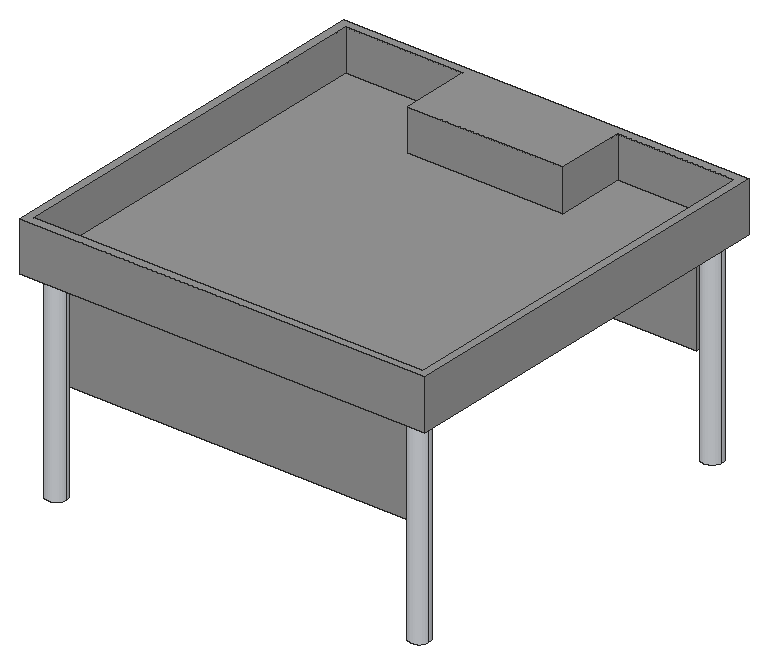
Revit family "Nivellierbare Kassette mit Schnurauslass, RKSN, 25, 9", category Generic Models, Revit 2015
Parameters (values of type "RKSN2 9 VS 25")
  Width = 243 mm
  URL = "http://www.obo-bettermann.com"
  Material = Stainless Steel, Polished
  Manufacturer Art.No. = "7409220"
  Manufacturer = "OBO Bettermann"
  Length = 243 mm
  HeightCalc = if(Height < 110 mm, 110 mm, (if(Height > 155 mm, 155 mm, Height)))  # 150 mm
  Height 1 = 30 mm
  Height = 150 mm
  GTIN = "4012195867234"
  Cut depth = 25 mm
  Article Type = "RKSN2 9 VS 25"
Types (3, lengths in mm): name | Material | Manufacturer Art.No. | GTIN | Article Type
  (no name) | Stainless Steel, Polished | "7409220" | "4012195867234" | "RKSN2 9 VS 25"
  RKSN2 9 VS 25 | Stainless Steel, Polished | "7409220" | "4012195867234" | "RKSN2 9 VS 25"
  RKSN2 9 MS 25 | Brass, Soft Yellow, Welded | "7409214" | "4012195867180" | "RKSN2 9 MS 25"
Reference planes
  plane 1 "Center (Front/Back)": y = 0
  plane 2: z = 0
  plane 3 "Center (Left/Right)": x = 0
  plane 4: y = 121.5
  plane 5: y = -121.5
  plane 6: z = 150
  plane 7: z = 59
  plane 8: z = 125
  plane 9: z = 120
Forms (mm)
  Extrusion 1, solid
    sketch origin (0, 0, 0) x (1, 0, 0) y (0, 1, 0)
      loop
        circle (-109, -110) r 6
      loop
        circle (-109, 110) r 6
      loop
        circle (109, 110) r 6
      loop
        circle (109, -110) r 6
    from 0 to 120
  Extrusion 2, solid, material "Stainless Steel, Polished" <- "Material"
    sketch origin (0, 0, 0) x (1, 0, 0) y (0, 0, 1)
      loop
        line (-121.5, 150) -> (-121.5, 120) -> (121.5, 120) -> (121.5, 150) -> (-121.5, 150)
    from -121.5 to 121.5
  Extrusion 3, solid, material "Stainless Steel, Polished" <- "Material"
    sketch origin (0, 0, 0) x (1, 0, 0) y (0, 1, 0)
      loop
        line (-104.2, -104.3) -> (-104.2, -106.3) -> (104.2, -106.3) -> (104.2, -104.3) -> (-104.2, -104.3)
      loop
        line (-104.2, 106.3) -> (-104.2, 104.3) -> (104.2, 104.3) -> (104.2, 106.3) -> (-104.2, 106.3)
    from 59 to 120
  Extrusion 4, void
    sketch origin (0, 0, 0) x (1, 0, 0) y (0, 1, 0)
      loop
        line (-117.05, 117.05) -> (-117.05, -117.05) -> (117.05, -117.05) -> (117.05, 117.05) -> (46.5, 117.05) -> (46.5, 75.95) -> (-46.5, 75.95) -> (-46.5, 117.05) -> (-117.05, 117.05)
    from 125 to 150
Cuts and joins
  Extrusion 4 cuts Extrusion 1
  Extrusion 4 cuts Extrusion 2
  Extrusion 4 cuts Extrusion 3
Dimensions and locks
  "Width": Extrusion 2 sketch curve to Extrusion 2 sketch curve
  "HeightCalc": plane 6 to level
  locked: Extrusion 3 sketch curve to Extrusion 3 sketch curve at 208.4  (x2)
  locked: Extrusion 3 sketch curve to Extrusion 2 at 15.2
  locked: Extrusion 3 sketch curve to Extrusion 3 sketch curve at 2  (x2)
  "Cut depth": plane 6 to plane 8
  "Length": plane 4 to plane 5
  locked: plane 3 "Center (Left/Right)" to Extrusion 2 sketch curve at 121.5
  locked: plane 4 to plane 1 "Center (Front/Back)" at 121.5
  locked: Extrusion 1 sketch curve to plane 1 "Center (Front/Back)" at 110  (x2)
  locked: plane 3 "Center (Left/Right)" to Extrusion 1 sketch curve at 109  (x2)
  locked: Extrusion 1 sketch curve to plane 3 "Center (Left/Right)" at 109  (x2)
  locked: plane 1 "Center (Front/Back)" to Extrusion 1 sketch curve at 110  (x2)
  "Height 1": plane 6 to plane 9
  locked: Extrusion 3 sketch curve to plane 3 "Center (Left/Right)" at 104.2  (x2)
  locked: plane 9 to plane 7 at 61
  locked: Extrusion 4 sketch curve to Extrusion 4 sketch curve at 234.1  (x2)
  equal spacing: Extrusion 4 sketch curve, plane 3 "Center (Left/Right)", Extrusion 4 sketch curve, locked at 117.05 each
  equal spacing: Extrusion 4 sketch curve, plane 1 "Center (Front/Back)", Extrusion 4 sketch curve, locked at 117.05 each
  locked: Extrusion 4 sketch curve to Extrusion 4 sketch curve at 93
  equal spacing: Extrusion 4 sketch curve, plane 3 "Center (Left/Right)", Extrusion 4 sketch curve, locked at 46.5 each
  locked: Extrusion 4 sketch curve to Extrusion 4 sketch curve at 41.1
  diameter of Extrusion 1 sketch curve = 12 mm  (x4)
  aligned and locked: level to plane 2
  aligned and locked: plane 5 to Extrusion 2
  aligned and locked: Extrusion 2 to plane 4
  aligned and locked: plane 6 to Extrusion 2
  aligned and locked: Extrusion 1 to Extrusion 3
  aligned and locked: Extrusion 3 to plane 7
  aligned and locked: Extrusion 2 to plane 9
  aligned and locked: Extrusion 4 sketch curve to Extrusion 4 sketch curve
  aligned and locked: cut or joined group of Extrusion 2, Extrusion 4 to Extrusion 4
  aligned and locked: Extrusion 4 to plane 8
Automatic sketch dimensions
  Extrusion 2 sketch curve to plane 6 = 0 mm
  plane 9 to Extrusion 2 sketch curve = 0 mm
  plane 4 to Extrusion 3 sketch curve = 17.2 mm
